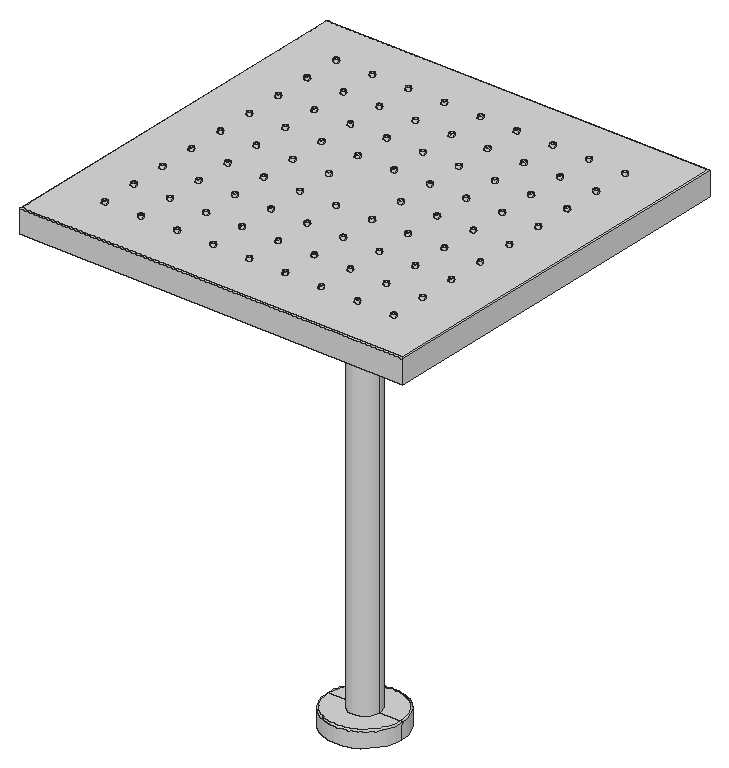
Revit family "Shower-Showerhead-KOHLER-EO-3875D_1", category Plumbing Fixtures, host Face, Revit 2017
Family settings
  Host = Face
  Round Connector Dimension = Use Diameter
  Part Type = Normal
  OmniClass Number = 23.31.17.00
  OmniClass Title = Showers
  Cut with Voids When Loaded = No
  Shared = No
  Room Calculation Point = No
Parameters (values of type "CP-Polished Chrome")
  Width = 11 1/16"  # constant formula
  WaterSense Certified = 1 = 0  # no
  Waste Water Outlet = "Waste Water Outlet"  # constant formula
  Waste Connection = 1 = 0  # no
  Vent Connection = 1 = 0  # no
  URL = "https://www.kohler.co.uk/"
  Type = 1
  Product Page URL = ""
  Product Name = "EO"  # constant formula
  Product Documentation Link = ""
  Pressure = 0.00 psi  # constant formula
  Panel Thickness = 0"
  Model = "3875D-CP"  # constant formula
  Material = "Premium Metal Construction"  # constant formula
  Master Format 2014 Name = "Residential Showers"  # constant formula
  Master Format 2014 = "22 42 23"  # constant formula
  Manufacturer Address = "Cromwell Road, Cheltenham, Gloucestershire. GL52 5EP Registered in England No. 252115"  # constant formula
  Manufacturer = "KOHLER Co."  # constant formula
  Length = 11 1/16"  # constant formula
  Hot Water Inlet = "Tempered Water Inlet"  # constant formula
  Height = 13 111/128"  # constant formula
  HW Connection = 1 = 1  # yes
  Flow Rate = 0 GPM  # constant formula
  Finish = Kohler-Metal-CP-Polished_Chrome
  Environmental Product Declaration = ""
  Drain Included = 1 = 0  # no
  Description = "EO SQUARE SHOWERHEAD 280 X 280MM ,CHROME"  # constant formula
  Default Elevation = 0"
  Declare Label = ""
  Date Modified = "08/05/2021"  # constant formula
  Date Created = "08/05/2021"  # constant formula
  Copyright = "Copyright KOHLER Co."  # constant formula
  Contact Us = "https://www.kohler.co.uk/support/contact/"
  Cold Water Inlet = "Cold Water Inlet"  # constant formula
  CW Connection = 1 = 0  # no
  Assembly Code = "D2010700"
  ADA Compliant = 1 = 0  # no
Reference planes (in)
  plane 1 "Center (Front/Back)": y = 0
  plane 2: z = 0
  plane 3 "Center (Left/Right)": x = 0
  plane 4: x = -5.5314961
  plane 5: x = 5.5310039
  plane 6: y = 5.5314961
  plane 7: y = -5.5310039
  plane 8: z = 13.934811
  plane 9: z = 13.8671875
  plane 10: x = 1.0826772
  plane 11: x = -1.0826772
  plane 12: z = 0.4645669
  plane 13: y = 1.0826772
  plane 14: y = -1.0826772
Dimensions and locks (in)
  "Width": plane 4 to plane 5
  "Length": plane 6 to plane 7
  "Height": level to plane 9
  aligned and locked: plane 2 to host face
  aligned and locked: level to host face
  aligned and locked: plane 3 "Center (Left/Right)" to nested 1
  aligned and locked: plane 1 "Center (Front/Back)" to nested 1
Automatic sketch dimensions
  host sketch curve to host sketch curve = 96"  (x2)
Nested families (in)
  nested 1: "3875D" at (0, 0, 11.3363858), type "3875D"
Connectors (in)
  piping at (0, 0, 0), diameter 0.5, driven by "Pressure", driven by "HW Connection", driven by "Hot Water Inlet"
    settings: on nested 1, index 1, connector inside diameter 24", connector length 0", flow factor 0, pipe flow 0 GPM, pressure drop 0.00 psi, fitting loss kfactor 0, connector angle 0.00°, fixture units 0, engagement length 0", angle of deflection 0.00°, flow configuration 0, flow direction 1, fitting loss method 0, system type 19, joint type 0, gender type 0, connector reference index -1, connector utility 1, adjustable connector no, is connector primary yes, connector description "Tempered Water Inlet"
Definition of nested family "3875D"
  Parameters (values of type "3875D")
    Material = none
  Reference planes (in)
    plane 1 "Center (Front/Back)": y = 0
    plane 2: z = 0
    plane 3 "Center (Left/Right)": x = 0
    plane 4: x = -5.5314961
    plane 5: z = 2.5984252
    plane 6: z = 2.5317244
    plane 7: y = 5.5314961
    plane 8: z = 0.5381731
    plane 9: y = -5.5314961
    plane 10: x = 5.5314961
    plane 11: z = 1.8014208
    plane 12: z = 1.2651574
    plane 13: z = 1.065189
    plane 14: z = 0.9447207
    plane 15: z = 0.9167185
    plane 16: z = 0.700424
    plane 17: z = 0.080937
    plane 18: z = -11.3363858
  Forms (in)
    Sweep 1, solid, material <- "Material", detail levels medium+fine
      path origin (0, 0, 0) x (1, 0, 0) y (0, 1, 0)
        loop
          line (-1.9685039, 1.9685039) -> (-1.9685039, -1.9685039) -> (1.9685039, -1.9685039) -> (1.9685039, 1.9685039) -> (-1.9685039, 1.9685039)
      profile origin (1.9685039, -1.9685039, 0) x (-1, 0, 0) y (0, 0, 1)
        loop
          line (-3.5629921, 2.4994774) -> (-3.5629921, 1.842748) -> (0, 1.842748) -> (0, 2.5317244) -> (-3.5307451, 2.5317244)
          arc (-3.5307451, 2.5317244) -> (-3.5535472, 2.5222795) -> (-3.5629921, 2.4994774) r 0.032247
    Extrusion 2, solid, material <- "Material", detail levels medium+fine
      sketch origin (0, 0, 0) x (1, 0, 0) y (0, 1, 0)
        loop
          line (-2.9639069, 2.7726879) -> (-2.9639069, -2.7391231) -> (2.7447545, -2.7391231) -> (2.7447545, 2.7726879) -> (-2.9639069, 2.7726879)
      from 2.0710945 to 2.5317244
    Extrusion 3, void
      sketch origin (0, 0, 0) x (1, 0, 0) y (0, 1, 0)
        loop
          circle (-4.1703694, 4.1745663) r 0.0767717
        loop
          circle (-4.1703694, 3.1292234) r 0.0767717
        loop
          circle (-4.1703694, 2.0867319) r 0.0767717
        loop
          circle (-4.1703694, 1.0446144) r 0.0767717
        loop
          circle (-4.1703694, 0) r 0.0767717
        loop
          circle (-3.1271871, 4.1745663) r 0.0767717
        loop
          circle (-3.1271871, 3.1298897) r 0.0767717
        loop
          circle (-3.1271871, 2.0877149) r 0.0767717
        loop
          circle (-3.1271871, 1.0449391) r 0.0767717
        loop
          circle (-3.1271871, 0) r 0.0767717
        loop
          circle (-2.0840049, 4.1745663) r 0.0767717
        loop
          circle (-2.0840049, 3.1292234) r 0.0767717
        loop
          circle (-2.0840049, 2.0867319) r 0.0767717
        loop
          circle (-2.0840049, 1.0446144) r 0.0767717
        loop
          circle (-2.0840049, 0) r 0.0767717
        loop
          circle (-1.0412535, 4.1745663) r 0.0767717
        loop
          circle (-1.0412535, 3.1298897) r 0.0767717
        loop
          circle (-1.0412535, 2.0877149) r 0.0767717
        loop
          circle (-1.0412535, 1.0449391) r 0.0767717
        loop
          circle (-1.0412535, 0) r 0.0767717
        loop
          circle (0.002167, 4.1745663) r 0.0767717
        loop
          circle (0.002167, 3.1292234) r 0.0767717
        loop
          circle (0.002167, 2.0867319) r 0.0767717
        loop
          circle (0.002167, 1.0446144) r 0.0767717
        loop
          circle (4.1703694, 4.1745663) r 0.0767717
        loop
          circle (4.1703694, 3.1292234) r 0.0767717
        loop
          circle (4.1703694, 2.0867319) r 0.0767717
        loop
          circle (4.1703694, 1.0446144) r 0.0767717
        loop
          circle (3.1271871, 4.1745663) r 0.0767717
        loop
          circle (3.1271871, 3.1298897) r 0.0767717
        loop
          circle (3.1271871, 2.0877149) r 0.0767717
        loop
          circle (3.1271871, 1.0449391) r 0.0767717
        loop
          circle (2.0840049, 4.1745663) r 0.0767717
        loop
          circle (2.0840049, 3.1292234) r 0.0767717
        loop
          circle (2.0840049, 2.0867319) r 0.0767717
        loop
          circle (2.0840049, 1.0446144) r 0.0767717
        loop
          circle (1.0412535, 4.1745663) r 0.0767717
        loop
          circle (1.0412535, 3.1298897) r 0.0767717
        loop
          circle (1.0412535, 2.0877149) r 0.0767717
        loop
          circle (1.0412535, 1.0449391) r 0.0767717
        loop
          circle (-4.1703694, -4.1745663) r 0.0767717
        loop
          circle (-4.1703694, -3.1292234) r 0.0767717
        loop
          circle (-4.1703694, -2.0867319) r 0.0767717
        loop
          circle (-4.1703694, -1.0446144) r 0.0767717
        loop
          circle (-3.1271871, -4.1745663) r 0.0767717
        loop
          circle (-3.1271871, -3.1298897) r 0.0767717
        loop
          circle (-3.1271871, -2.0877149) r 0.0767717
        loop
          circle (-3.1271871, -1.0449391) r 0.0767717
        loop
          circle (-2.0840049, -4.1745663) r 0.0767717
        loop
          circle (-2.0840049, -3.1292234) r 0.0767717
        loop
          circle (-2.0840049, -2.0867319) r 0.0767717
        loop
          circle (-2.0840049, -1.0446144) r 0.0767717
        loop
          circle (-1.0412535, -4.1745663) r 0.0767717
        loop
          circle (-1.0412535, -3.1298897) r 0.0767717
        loop
          circle (-1.0412535, -2.0877149) r 0.0767717
        loop
          circle (-1.0412535, -1.0449391) r 0.0767717
        loop
          circle (0.002167, -4.1745663) r 0.0767717
        loop
          circle (0.002167, -3.1292234) r 0.0767717
        loop
          circle (0.002167, -2.0867319) r 0.0767717
        loop
          circle (0.002167, -1.0446144) r 0.0767717
        loop
          circle (4.1703694, -4.1745663) r 0.0767717
        loop
          circle (4.1703694, -3.1292234) r 0.0767717
        loop
          circle (4.1703694, -2.0867319) r 0.0767717
        loop
          circle (4.1703694, -1.0446144) r 0.0767717
        loop
          circle (3.1271871, -4.1745663) r 0.0767717
        loop
          circle (3.1271871, -3.1298897) r 0.0767717
        loop
          circle (3.1271871, -2.0877149) r 0.0767717
        loop
          circle (3.1271871, -1.0449391) r 0.0767717
        loop
          circle (2.0840049, -4.1745663) r 0.0767717
        loop
          circle (2.0840049, -3.1292234) r 0.0767717
        loop
          circle (2.0840049, -2.0867319) r 0.0767717
        loop
          circle (2.0840049, -1.0446144) r 0.0767717
        loop
          circle (1.0412535, -4.1745663) r 0.0767717
        loop
          circle (1.0412535, -3.1298897) r 0.0767717
        loop
          circle (1.0412535, -2.0877149) r 0.0767717
        loop
          circle (1.0412535, -1.0449391) r 0.0767717
        loop
          circle (4.1703694, 0) r 0.0767717
        loop
          circle (3.1271871, 0) r 0.0767717
        loop
          circle (2.0840049, 0) r 0.0767717
        loop
          circle (1.0412535, 0) r 0.0767717
      from 2.2237974 to 2.914349
    Extrusion 4, solid, detail levels medium+fine
      sketch origin (0, 0, 0) x (1, 0, 0) y (0, 1, 0)
        loop
          circle (-4.1703694, 4.1745663) r 0.0629921
        loop
          circle (-4.1703694, 4.1745663) r 0.0472441
        loop
          circle (-4.1703694, 3.1292234) r 0.0629921
        loop
          circle (-4.1703694, 3.1292234) r 0.0472441
        loop
          circle (-4.1703694, 2.0867319) r 0.0629921
        loop
          circle (-4.1703694, 2.0867319) r 0.0472441
        loop
          circle (-4.1703694, 1.0446144) r 0.0629921
        loop
          circle (-4.1703694, 1.0446144) r 0.0472441
        loop
          circle (-4.1703694, 0) r 0.0629921
        loop
          circle (-4.1703694, 0) r 0.0472441
        loop
          circle (-3.1271871, 0) r 0.0629921
        loop
          circle (-3.1271871, 0) r 0.0472441
        loop
          circle (-3.1271871, 1.0449391) r 0.0629921
        loop
          circle (-3.1271871, 1.0449391) r 0.0472441
        loop
          circle (-3.1271871, 2.0877149) r 0.0629921
        loop
          circle (-3.1271871, 2.0877149) r 0.0472441
        loop
          circle (-3.1271871, 3.1298897) r 0.0629921
        loop
          circle (-3.1271871, 3.1298897) r 0.0472441
        loop
          circle (-3.1271871, 4.1745663) r 0.0629921
        loop
          circle (-3.1271871, 4.1745663) r 0.0472441
        loop
          circle (-2.0840049, 4.1745663) r 0.0629921
        loop
          circle (-2.0840049, 4.1745663) r 0.0472441
        loop
          circle (-2.0840049, 3.1292234) r 0.0629921
        loop
          circle (-2.0840049, 3.1292234) r 0.0472441
        loop
          circle (-2.0840049, 2.0867319) r 0.0629921
        loop
          circle (-2.0840049, 2.0867319) r 0.0472441
        loop
          circle (-2.0840049, 1.0446144) r 0.0629921
        loop
          circle (-2.0840049, 1.0446144) r 0.0472441
        loop
          circle (-2.0840049, 0) r 0.0629921
        loop
          circle (-2.0840049, 0) r 0.0472441
        loop
          circle (-1.0412535, 0) r 0.0629921
        loop
          circle (-1.0412535, 0) r 0.0472441
        loop
          circle (-1.0412535, 1.0449391) r 0.0629921
        loop
          circle (-1.0412535, 1.0449391) r 0.0472441
        loop
          circle (-1.0412535, 2.0877149) r 0.0629921
        loop
          circle (-1.0412535, 2.0877149) r 0.0472441
        loop
          circle (-1.0412535, 3.1298897) r 0.0629921
        loop
          circle (-1.0412535, 3.1298897) r 0.0472441
        loop
          circle (-1.0412535, 4.1745663) r 0.0629921
        loop
          circle (-1.0412535, 4.1745663) r 0.0472441
        loop
          circle (0.002167, 4.1745663) r 0.0629921
        loop
          circle (0.002167, 4.1745663) r 0.0472441
        loop
          circle (0.002167, 3.1292234) r 0.0629921
        loop
          circle (0.002167, 3.1292234) r 0.0472441
        loop
          circle (0.002167, 2.0867319) r 0.0629921
        loop
          circle (0.002167, 2.0867319) r 0.0472441
        loop
          circle (0.002167, 1.0446144) r 0.0629921
        loop
          circle (0.002167, 1.0446144) r 0.0472441
        loop
          circle (4.1703694, 4.1745663) r 0.0629921
        loop
          circle (4.1703694, 4.1745663) r 0.0472441
        loop
          circle (4.1703694, 3.1292234) r 0.0629921
        loop
          circle (4.1703694, 3.1292234) r 0.0472441
        loop
          circle (4.1703694, 2.0867319) r 0.0629921
        loop
          circle (4.1703694, 2.0867319) r 0.0472441
        loop
          circle (4.1703694, 1.0446144) r 0.0629921
        loop
          circle (4.1703694, 1.0446144) r 0.0472441
        loop
          circle (3.1271871, 1.0449391) r 0.0629921
        loop
          circle (3.1271871, 1.0449391) r 0.0472441
        loop
          circle (3.1271871, 2.0877149) r 0.0629921
        loop
          circle (3.1271871, 2.0877149) r 0.0472441
        loop
          circle (3.1271871, 3.1298897) r 0.0629921
        loop
          circle (3.1271871, 3.1298897) r 0.0472441
        loop
          circle (3.1271871, 4.1745663) r 0.0629921
        loop
          circle (3.1271871, 4.1745663) r 0.0472441
        loop
          circle (2.0840049, 4.1745663) r 0.0629921
        loop
          circle (2.0840049, 4.1745663) r 0.0472441
        loop
          circle (2.0840049, 3.1292234) r 0.0629921
        loop
          circle (2.0840049, 3.1292234) r 0.0472441
        loop
          circle (2.0840049, 2.0867319) r 0.0629921
        loop
          circle (2.0840049, 2.0867319) r 0.0472441
        loop
          circle (2.0840049, 1.0446144) r 0.0629921
        loop
          circle (2.0840049, 1.0446144) r 0.0472441
        loop
          circle (1.0412535, 1.0449391) r 0.0629921
        loop
          circle (1.0412535, 1.0449391) r 0.0472441
        loop
          circle (1.0412535, 2.0877149) r 0.0629921
        loop
          circle (1.0412535, 2.0877149) r 0.0472441
        loop
          circle (1.0412535, 3.1298897) r 0.0629921
        loop
          circle (1.0412535, 3.1298897) r 0.0472441
        loop
          circle (1.0412535, 4.1745663) r 0.0629921
        loop
          circle (1.0412535, 4.1745663) r 0.0472441
        loop
          circle (-4.1703694, -4.1745663) r 0.0629921
        loop
          circle (-4.1703694, -4.1745663) r 0.0472441
        loop
          circle (-4.1703694, -3.1292234) r 0.0629921
        loop
          circle (-4.1703694, -3.1292234) r 0.0472441
        loop
          circle (-4.1703694, -2.0867319) r 0.0629921
        loop
          circle (-4.1703694, -2.0867319) r 0.0472441
        loop
          circle (-4.1703694, -1.0446144) r 0.0629921
        loop
          circle (-4.1703694, -1.0446144) r 0.0472441
        loop
          circle (-3.1271871, -1.0449391) r 0.0629921
        loop
          circle (-3.1271871, -1.0449391) r 0.0472441
        loop
          circle (-3.1271871, -2.0877149) r 0.0629921
        loop
          circle (-3.1271871, -2.0877149) r 0.0472441
        loop
          circle (-3.1271871, -3.1298897) r 0.0629921
        loop
          circle (-3.1271871, -3.1298897) r 0.0472441
        loop
          circle (-3.1271871, -4.1745663) r 0.0629921
        loop
          circle (-3.1271871, -4.1745663) r 0.0472441
        loop
          circle (-2.0840049, -4.1745663) r 0.0629921
        loop
          circle (-2.0840049, -4.1745663) r 0.0472441
        loop
          circle (-2.0840049, -3.1292234) r 0.0629921
        loop
          circle (-2.0840049, -3.1292234) r 0.0472441
        loop
          circle (-2.0840049, -2.0867319) r 0.0629921
        loop
          circle (-2.0840049, -2.0867319) r 0.0472441
        loop
          circle (-2.0840049, -1.0446144) r 0.0629921
        loop
          circle (-2.0840049, -1.0446144) r 0.0472441
        loop
          circle (-1.0412535, -1.0449391) r 0.0629921
        loop
          circle (-1.0412535, -1.0449391) r 0.0472441
        loop
          circle (-1.0412535, -2.0877149) r 0.0629921
        loop
          circle (-1.0412535, -2.0877149) r 0.0472441
        loop
          circle (-1.0412535, -3.1298897) r 0.0629921
        loop
          circle (-1.0412535, -3.1298897) r 0.0472441
        loop
          circle (-1.0412535, -4.1745663) r 0.0629921
        loop
          circle (-1.0412535, -4.1745663) r 0.0472441
        loop
          circle (0.002167, -4.1745663) r 0.0629921
        loop
          circle (0.002167, -4.1745663) r 0.0472441
        loop
          circle (0.002167, -3.1292234) r 0.0629921
        loop
          circle (0.002167, -3.1292234) r 0.0472441
        loop
          circle (0.002167, -2.0867319) r 0.0629921
        loop
          circle (0.002167, -2.0867319) r 0.0472441
        loop
          circle (0.002167, -1.0446144) r 0.0629921
        loop
          circle (0.002167, -1.0446144) r 0.0472441
        loop
          circle (4.1703694, -4.1745663) r 0.0629921
        loop
          circle (4.1703694, -4.1745663) r 0.0472441
        loop
          circle (4.1703694, -3.1292234) r 0.0629921
        loop
          circle (4.1703694, -3.1292234) r 0.0472441
        loop
          circle (4.1703694, -2.0867319) r 0.0629921
        loop
          circle (4.1703694, -2.0867319) r 0.0472441
        loop
          circle (4.1703694, -1.0446144) r 0.0629921
        loop
          circle (4.1703694, -1.0446144) r 0.0472441
        loop
          circle (3.1271871, -1.0449391) r 0.0629921
        loop
          circle (3.1271871, -1.0449391) r 0.0472441
        loop
          circle (3.1271871, -2.0877149) r 0.0629921
        loop
          circle (3.1271871, -2.0877149) r 0.0472441
        loop
          circle (3.1271871, -3.1298897) r 0.0629921
        loop
          circle (3.1271871, -3.1298897) r 0.0472441
        loop
          circle (3.1271871, -4.1745663) r 0.0629921
        loop
          circle (3.1271871, -4.1745663) r 0.0472441
        loop
          circle (2.0840049, -4.1745663) r 0.0629921
        loop
          circle (2.0840049, -4.1745663) r 0.0472441
        loop
          circle (2.0840049, -3.1292234) r 0.0629921
        loop
          circle (2.0840049, -3.1292234) r 0.0472441
        loop
          circle (2.0840049, -2.0867319) r 0.0629921
        loop
          circle (2.0840049, -2.0867319) r 0.0472441
        loop
          circle (2.0840049, -1.0446144) r 0.0629921
        loop
          circle (2.0840049, -1.0446144) r 0.0472441
        loop
          circle (1.0412535, -1.0449391) r 0.0629921
        loop
          circle (1.0412535, -1.0449391) r 0.0472441
        loop
          circle (1.0412535, -2.0877149) r 0.0629921
        loop
          circle (1.0412535, -2.0877149) r 0.0472441
        loop
          circle (1.0412535, -3.1298897) r 0.0629921
        loop
          circle (1.0412535, -3.1298897) r 0.0472441
        loop
          circle (1.0412535, -4.1745663) r 0.0629921
        loop
          circle (1.0412535, -4.1745663) r 0.0472441
        loop
          circle (4.1703694, 0) r 0.0629921
        loop
          circle (4.1703694, 0) r 0.0472441
        loop
          circle (3.1271871, 0) r 0.0629921
        loop
          circle (3.1271871, 0) r 0.0472441
        loop
          circle (2.0840049, 0) r 0.0629921
        loop
          circle (2.0840049, 0) r 0.0472441
        loop
          circle (1.0412535, 0) r 0.0629921
        loop
          circle (1.0412535, 0) r 0.0472441
      from 2.1651852 to 2.5984252
    Revolve 5, solid, material <- "Material", detail levels coarse
      sketch origin (0, 0, 0) x (1, 0, 0) y (0, 0, 1)
        loop
          line (-0.7185571, 2.2754617) -> (-0.7185571, 0) -> (-0.3937008, 0) -> (-0.3937008, -10.8718189) -> (-1.0826772, -10.8718189) -> (-1.0826772, -11.3363858) -> (0, -11.3363858) -> (0, 2.2754617) -> (-0.7185571, 2.2754617)
        axis (0, 2.2754617) -> (0, -11.3363858)
      angle from 0 to 360
    Extrusion 6, solid, material <- "Material", detail levels coarse
      sketch origin (0, 0, 0) x (1, 0, 0) y (0, 0, 1)
        loop
          line (-5.5314961, 2.5984252) -> (-5.5314961, 2.0592835) -> (5.5314961, 2.0592835) -> (5.5314961, 2.5984252) -> (-5.5314961, 2.5984252)
      from -5.5314961 to 5.5314961
    Revolve 7, solid, material <- "Material", detail levels medium+fine
      sketch origin (0, 0, 0) x (1, 0, 0) y (0, 0, 1)
        loop
          line (0, 0.080937) -> (0.4527559, 0.080937) -> (0.4527559, 0.6714882)
          arc (0.4527559, 0.6714882) -> (0.4202484, 0.7137748) -> (0.3756257, 0.7429932) r 0.1596458
          arc (0.3756257, 0.7429932) -> (0.3314989, 0.7802833) -> (0.3149937, 0.8356486) r 0.1011121
          line (0.3149937, 0.8356486) -> (0.3149937, 0.9167185)
          arc (0.3149937, 0.9167185) -> (0.3183274, 0.9320998) -> (0.3277303, 0.9447207) r 0.0371508
          arc (0.3277303, 0.9447207) -> (0.3823059, 1.0008567) -> (0.4269277, 1.065189) r 0.4753951
          line (0.4269277, 1.065189) -> (0.6771209, 1.065189) -> (0.6771209, 1.5378345)
          arc (0.6771209, 1.5378345) -> (0.679299, 1.5543792) -> (0.6856851, 1.5697965) r 0.063924
          line (0.6856851, 1.5697965) -> (0.718627, 1.6268535)
          arc (0.718627, 1.6268535) -> (0.7259219, 1.6444651) -> (0.7284101, 1.6633646) r 0.0730222
          line (0.7284101, 1.6633646) -> (0.7284101, 1.8014208) -> (0.6870829, 1.842748) -> (0, 1.842748) -> (0, 0.080937)
        axis (0, 1.842748) -> (0, 0.080937)
      angle from 0 to 360
    Revolve 8, solid, material <- "Material", detail levels medium+fine
      sketch origin (0, 0, 0) x (1, 0, 0) y (0, 0, 1)
        loop
          line (1.0826772, -11.3363858) -> (1.0826772, -10.9084336)
          arc (1.0826772, -10.9084336) -> (1.071953, -10.8825431) -> (1.0460625, -10.8718189) r 0.0366147
          line (1.0460625, -10.8718189) -> (0.4311195, -10.8718189) -> (0.4311195, 0.080937) -> (0, 0.080937) -> (0, -11.1395354) -> (0.3937008, -11.1395354) -> (0.3937008, -11.3363858) -> (1.0826772, -11.3363858)
        axis (0, 0.080937) -> (0, -11.3363858)
      angle from 0 to 360
    Extrusion 9, void
      sketch origin (0, 0, 0) x (1, 0, 0) y (0, 0, 1)
        loop
          line (-0.4330709, 0.446804) -> (-0.4330709, 0.7518064) -> (-0.5829923, 0.7518064) -> (-0.5829923, 0.3536265) -> (-0.4771067, 0.3536265) -> (-0.4415235, 0.4152583)
          arc (-0.4415235, 0.4152583) -> (-0.4352206, 0.4304747) -> (-0.4330709, 0.446804) r 0.0630913
        loop
          line (-0.6299213, 1.0408512) -> (-0.6299213, 1.1644707)
          arc (-0.6299213, 1.1644707) -> (-0.6323156, 1.1826576) -> (-0.6393355, 1.1996052) r 0.070269
          line (-0.6393355, 1.1996052) -> (-0.7023495, 1.3087486) -> (-0.8185358, 1.3087486) -> (-0.8185358, 1.0408512) -> (-0.6299213, 1.0408512)
      from -3.7795276 to 9.8425197
    Extrusion 10, void
      sketch origin (0, 0, 0) x (-1, 0, 0) y (0, 0, -1)
        loop
          arc (-0.4330709, -0.446804) -> (-0.4352206, -0.4304747) -> (-0.4415235, -0.4152583) r 0.0630913
          line (-0.4415235, -0.4152583) -> (-0.4771067, -0.3536265) -> (-0.5829923, -0.3536265) -> (-0.5829923, -0.7518064) -> (-0.4330709, -0.7518064) -> (-0.4330709, -0.446804)
        loop
          line (-0.6299213, -1.0408512) -> (-0.8185358, -1.0408512) -> (-0.8185358, -1.3087486) -> (-0.7023495, -1.3087486) -> (-0.6393355, -1.1996052)
          arc (-0.6393355, -1.1996052) -> (-0.6323156, -1.1826576) -> (-0.6299213, -1.1644707) r 0.070269
          line (-0.6299213, -1.1644707) -> (-0.6299213, -1.0408512)
      from -2.6801353 to 9.8425197
    Extrusion 11, solid, material <- "Material", detail levels medium+fine
      sketch origin (0, 0, 0) x (1, 0, 0) y (0, 1, 0)
        loop
          line (-1.9685039, -1.9685039) -> (1.9685039, -1.9685039) -> (1.9685039, 1.9685039) -> (-1.9685039, 1.9685039) -> (-1.9685039, -1.9685039)
      from 1.842748 to 2.0710945
  Cuts and joins
    Extrusion 3 cuts Sweep 1
    Extrusion 3 cuts Extrusion 2
    Extrusion 9, Extrusion 10 cuts Revolve 7
    joined: Sweep 1, Extrusion 2, Revolve 7, Revolve 8, Extrusion 11
    joined: Revolve 5, Extrusion 6
  Lines and regions (in)
    Masking region 1
      outline origin (0, 0, 0) x (1, 0, 0) y (0, 0, 1)
        loop
          line (-5.5314961, 1.842748) -> (-0.6870829, 1.842748) -> (-0.7284101, 1.8014208) -> (-0.7284101, 1.6633646)
          arc (-0.7284101, 1.6633646) -> (-0.7259219, 1.6444651) -> (-0.718627, 1.6268535) r 0.0730222
          line (-0.718627, 1.6268535) -> (-0.6856851, 1.5697965)
          arc (-0.6856851, 1.5697965) -> (-0.679299, 1.5543792) -> (-0.6771209, 1.5378345) r 0.063924
          line (-0.6771209, 1.5378345) -> (-0.6771209, 1.2650513) -> (-0.6393355, 1.1996052)
          arc (-0.6393355, 1.1996052) -> (-0.6323156, 1.1826576) -> (-0.6299213, 1.1644707) r 0.070269
          line (-0.6299213, 1.1644707) -> (-0.6299213, 1.065189) -> (-0.4269277, 1.065189)
          arc (-0.4269277, 1.065189) -> (-0.3823059, 1.0008567) -> (-0.3277303, 0.9447207) r 0.4753951
          arc (-0.3277303, 0.9447207) -> (-0.3183274, 0.9320998) -> (-0.3149937, 0.9167185) r 0.0371508
          line (-0.3149937, 0.9167185) -> (-0.3149937, 0.8356486)
          arc (-0.3149937, 0.8356486) -> (-0.3314989, 0.7802833) -> (-0.3756257, 0.7429932) r 0.1011121
          arc (-0.3756257, 0.7429932) -> (-0.4067621, 0.7249659) -> (-0.4330709, 0.700424) r 0.1596458
          line (-0.4330709, 0.700424) -> (-0.4330709, 0.446804)
          arc (-0.4330709, 0.446804) -> (-0.4352206, 0.4304747) -> (-0.4415235, 0.4152583) r 0.0630913
          line (-0.4415235, 0.4152583) -> (-0.4527559, 0.3843975) -> (-0.4527559, 0.1184123) -> (-0.4311195, 0.080937) -> (-0.4311195, -10.8718189) -> (-1.0433255, -10.8718189)
          arc (-1.0433255, -10.8718189) -> (-1.0711513, -10.8833447) -> (-1.0826772, -10.9111706) r 0.0393517
          line (-1.0826772, -10.9111706) -> (-1.0826772, -11.3363858) -> (1.0826772, -11.3363858) -> (1.0826772, -10.9111706)
          arc (1.0826772, -10.9111706) -> (1.0711513, -10.8833447) -> (1.0433255, -10.8718189) r 0.0393517
          line (1.0433255, -10.8718189) -> (0.4311195, -10.8718189) -> (0.4311195, 0.080937) -> (0.4527559, 0.111837) -> (0.4527559, 0.3843975) -> (0.4415235, 0.4152583)
          arc (0.4415235, 0.4152583) -> (0.4352206, 0.4304747) -> (0.4330709, 0.446804) r 0.0630913
          line (0.4330709, 0.446804) -> (0.4330709, 0.700424)
          arc (0.4330709, 0.700424) -> (0.4067621, 0.7249659) -> (0.3756257, 0.7429932) r 0.1596458
          arc (0.3756257, 0.7429932) -> (0.3314989, 0.7802833) -> (0.3149937, 0.8356486) r 0.1011121
          line (0.3149937, 0.8356486) -> (0.3149937, 0.9167185)
          arc (0.3149937, 0.9167185) -> (0.3183274, 0.9320998) -> (0.3277303, 0.9447207) r 0.0371508
          arc (0.3277303, 0.9447207) -> (0.3823059, 1.0008567) -> (0.4269277, 1.065189) r 0.4753951
          line (0.4269277, 1.065189) -> (0.6299213, 1.065189) -> (0.6299213, 1.1644707)
          arc (0.6299213, 1.1644707) -> (0.6323156, 1.1826576) -> (0.6393355, 1.1996052) r 0.070269
          line (0.6393355, 1.1996052) -> (0.6771209, 1.2650513) -> (0.6771209, 1.5378345)
          arc (0.6771209, 1.5378345) -> (0.679299, 1.5543792) -> (0.6856851, 1.5697965) r 0.063924
          line (0.6856851, 1.5697965) -> (0.718627, 1.6268535)
          arc (0.718627, 1.6268535) -> (0.7259219, 1.6444651) -> (0.7284101, 1.6633646) r 0.0730222
          line (0.7284101, 1.6633646) -> (0.7284101, 1.8014208) -> (0.6870829, 1.842748) -> (5.5314961, 1.842748) -> (5.5314961, 2.4993911)
          arc (5.5314961, 2.4993911) -> (5.5220258, 2.5222542) -> (5.4991627, 2.5317244) r 0.0323333
          line (5.4991627, 2.5317244) -> (4.2333615, 2.5317244) -> (4.2333615, 2.5984252) -> (4.1073772, 2.5984252) -> (4.1073772, 2.5317244) -> (3.1901793, 2.5317244) -> (3.1901793, 2.5984252) -> (3.064195, 2.5984252) -> (3.064195, 2.5317244) -> (2.146997, 2.5317244) -> (2.146997, 2.5984252) -> (2.0210128, 2.5984252) -> (2.0210128, 2.5317244) -> (1.1042456, 2.5317244) -> (1.1042456, 2.5984252) -> (0.9782614, 2.5984252) -> (0.9782614, 2.5317244) -> (0.0651591, 2.5317244) -> (0.0651591, 2.5984252) -> (-0.0608251, 2.5984252) -> (-0.0608251, 2.5317244) -> (-0.9782614, 2.5317244) -> (-0.9782614, 2.5984252) -> (-1.1042456, 2.5984252) -> (-1.1042456, 2.5317244) -> (-2.0210128, 2.5317244) -> (-2.0210128, 2.5984252) -> (-2.146997, 2.5984252) -> (-2.146997, 2.5317244) -> (-3.064195, 2.5317244) -> (-3.064195, 2.5984252) -> (-3.1901793, 2.5984252) -> (-3.1901793, 2.5317244) -> (-4.1073772, 2.5317244) -> (-4.1073772, 2.5984252) -> (-4.2333615, 2.5984252) -> (-4.2333615, 2.5317244) -> (-5.4991627, 2.5317244)
          arc (-5.4991627, 2.5317244) -> (-5.5220258, 2.5222542) -> (-5.5314961, 2.4993911) r 0.0323333
          line (-5.5314961, 2.4993911) -> (-5.5314961, 1.842748)
    Masking region 2
      outline origin (0, 0, 0) x (0, 1, 0) y (0, 0, 1)
        loop
          line (5.5314961, 1.842748) -> (5.5314961, 2.4993911)
          arc (5.5314961, 2.4993911) -> (5.5220258, 2.5222542) -> (5.4991627, 2.5317244) r 0.0323333
          line (5.4991627, 2.5317244) -> (4.2379346, 2.5317244) -> (4.2379346, 2.5984252) -> (4.110745, 2.5984252) -> (4.110745, 2.5317244) -> (3.1930839, 2.5317244) -> (3.1930839, 2.5984252) -> (3.0656473, 2.5984252) -> (3.0656473, 2.5317244) -> (2.1508481, 2.5317244) -> (2.1508481, 2.5984252) -> (2.0232146, 2.5984252) -> (2.0232146, 2.5317244) -> (1.1080654, 2.5317244) -> (1.1080654, 2.5984252) -> (0.9814445, 2.5984252) -> (0.9814445, 2.5317244) -> (0.063593, 2.5317244) -> (0.063593, 2.5984252) -> (-0.0632216, 2.5984252) -> (-0.0632216, 2.5317244) -> (-0.9814445, 2.5317244) -> (-0.9814445, 2.5984252) -> (-1.1083837, 2.5984252) -> (-1.1083837, 2.5317244) -> (-2.0232091, 2.5317244) -> (-2.0232091, 2.5984252) -> (-2.1506576, 2.5984252) -> (-2.1506576, 2.5317244) -> (-3.0660988, 2.5317244) -> (-3.0660988, 2.5984252) -> (-3.1929316, 2.5984252) -> (-3.1929316, 2.5317244) -> (-4.1112065, 2.5317244) -> (-4.1112065, 2.5984252) -> (-4.2375085, 2.5984252) -> (-4.2375085, 2.5317244) -> (-5.4991627, 2.5317244)
          arc (-5.4991627, 2.5317244) -> (-5.5220258, 2.5222542) -> (-5.5314961, 2.4993911) r 0.0323333
          line (-5.5314961, 2.4993911) -> (-5.5314961, 1.842748) -> (-0.6870829, 1.842748) -> (-0.7284101, 1.8014208) -> (-0.7284101, 1.6633646)
          arc (-0.7284101, 1.6633646) -> (-0.7259219, 1.6444651) -> (-0.718627, 1.6268535) r 0.0730222
          line (-0.718627, 1.6268535) -> (-0.6856851, 1.5697965)
          arc (-0.6856851, 1.5697965) -> (-0.679299, 1.5543792) -> (-0.6771209, 1.5378345) r 0.063924
          line (-0.6771209, 1.5378345) -> (-0.6771209, 1.2650513) -> (-0.6393355, 1.1996052)
          arc (-0.6393355, 1.1996052) -> (-0.6323156, 1.1826576) -> (-0.6299213, 1.1644707) r 0.070269
          line (-0.6299213, 1.1644707) -> (-0.6299213, 1.065189) -> (-0.4269277, 1.065189)
          arc (-0.4269277, 1.065189) -> (-0.3823059, 1.0008567) -> (-0.3277303, 0.9447207) r 0.4753951
          arc (-0.3277303, 0.9447207) -> (-0.3183274, 0.9320998) -> (-0.3149937, 0.9167185) r 0.0371508
          line (-0.3149937, 0.9167185) -> (-0.3149937, 0.8356486)
          arc (-0.3149937, 0.8356486) -> (-0.3314989, 0.7802833) -> (-0.3756257, 0.7429932) r 0.1011121
          arc (-0.3756257, 0.7429932) -> (-0.4067621, 0.7249659) -> (-0.4330709, 0.700424) r 0.1596458
          line (-0.4330709, 0.700424) -> (-0.4330709, 0.446804)
          arc (-0.4330709, 0.446804) -> (-0.4352206, 0.4304747) -> (-0.4415235, 0.4152583) r 0.0630913
          line (-0.4415235, 0.4152583) -> (-0.4527559, 0.3843975) -> (-0.4527559, 0.111837) -> (-0.4311195, 0.080937) -> (-0.4311195, -10.8718189) -> (-1.0433255, -10.8718189)
          arc (-1.0433255, -10.8718189) -> (-1.0711513, -10.8833447) -> (-1.0826772, -10.9111706) r 0.0393517
          line (-1.0826772, -10.9111706) -> (-1.0826772, -11.3363858) -> (1.0826772, -11.3363858) -> (1.0826772, -10.9111706)
          arc (1.0826772, -10.9111706) -> (1.0711513, -10.8833447) -> (1.0433255, -10.8718189) r 0.0393517
          line (1.0433255, -10.8718189) -> (0.4311195, -10.8718189) -> (0.4311195, 0.080937) -> (0.4527559, 0.1184123) -> (0.4527559, 0.3843975) -> (0.4415235, 0.4152583)
          arc (0.4415235, 0.4152583) -> (0.4352206, 0.4304747) -> (0.4330709, 0.446804) r 0.0630913
          line (0.4330709, 0.446804) -> (0.4330709, 0.700424)
          arc (0.4330709, 0.700424) -> (0.4067621, 0.7249659) -> (0.3756257, 0.7429932) r 0.1596458
          arc (0.3756257, 0.7429932) -> (0.3314989, 0.7802833) -> (0.3149937, 0.8356486) r 0.1011121
          line (0.3149937, 0.8356486) -> (0.3149937, 0.9167185)
          arc (0.3149937, 0.9167185) -> (0.3183274, 0.9320998) -> (0.3277303, 0.9447207) r 0.0371508
          arc (0.3277303, 0.9447207) -> (0.3823059, 1.0008567) -> (0.4269277, 1.065189) r 0.4753951
          line (0.4269277, 1.065189) -> (0.6299213, 1.065189) -> (0.6299213, 1.1644707)
          arc (0.6299213, 1.1644707) -> (0.6323156, 1.1826576) -> (0.6393355, 1.1996052) r 0.070269
          line (0.6393355, 1.1996052) -> (0.6771209, 1.2650513) -> (0.6771209, 1.5378345)
          arc (0.6771209, 1.5378345) -> (0.679299, 1.5543792) -> (0.6856851, 1.5697965) r 0.063924
          line (0.6856851, 1.5697965) -> (0.718627, 1.6268535)
          arc (0.718627, 1.6268535) -> (0.7259219, 1.6444651) -> (0.7284101, 1.6633646) r 0.0730222
          line (0.7284101, 1.6633646) -> (0.7284101, 1.8014208) -> (0.6870829, 1.842748) -> (5.5314961, 1.842748)
    Masking region 3
      outline origin (0, 0, 0) x (1, 0, 0) y (0, 1, 0)
        loop
          line (-5.5314961, 5.5314961) -> (-5.5314961, -5.5314961) -> (5.5314961, -5.5314961) -> (5.5314961, 5.5314961) -> (-5.5314961, 5.5314961)
    symbolic lines, detail levels medium+fine
      curve 1: arc (-4.0935977, 4.1745663, 0) -> (-4.1703694, 4.2513379, 0) -> (-4.247141, 4.1745663, 0) r 0.0767717
      curve 2: arc (-4.1073772, 4.1745663, 0) -> (-4.1703694, 4.2375584, 0) -> (-4.2333615, 4.1745663, 0) r 0.0629921
      curve 3: arc (-4.2176134, 4.1745663, 0) -> (-4.1703694, 4.2218104, 0) -> (-4.1231253, 4.1745663, 0) r 0.0472441
      curve 4: arc (-4.1231253, 4.1745663, 0) -> (-4.1703694, 4.1273222, 0) -> (-4.2176134, 4.1745663, 0) r 0.0472441
      curve 5: arc (-4.2333615, 4.1745663, 0) -> (-4.1703694, 4.1115742, 0) -> (-4.1073772, 4.1745663, 0) r 0.0629921
      curve 6: arc (-4.247141, 4.1745663, 0) -> (-4.1703694, 4.0977946, 0) -> (-4.0935977, 4.1745663, 0) r 0.0767717
      curve 7: arc (-4.0935977, 3.1292234, 0) -> (-4.1703694, 3.2059951, 0) -> (-4.247141, 3.1292234, 0) r 0.0767717
      curve 8: arc (-4.1073772, 3.1292234, 0) -> (-4.1703694, 3.1922155, 0) -> (-4.2333615, 3.1292234, 0) r 0.0629921
      curve 9: arc (-4.2176134, 3.1292234, 0) -> (-4.1703694, 3.1764675, 0) -> (-4.1231253, 3.1292234, 0) r 0.0472441
      curve 10: arc (-4.1231253, 3.1292234, 0) -> (-4.1703694, 3.0819793, 0) -> (-4.2176134, 3.1292234, 0) r 0.0472441
      curve 11: arc (-4.2333615, 3.1292234, 0) -> (-4.1703694, 3.0662313, 0) -> (-4.1073772, 3.1292234, 0) r 0.0629921
      curve 12: arc (-4.247141, 3.1292234, 0) -> (-4.1703694, 3.0524518, 0) -> (-4.0935977, 3.1292234, 0) r 0.0767717
      curve 13: arc (-3.0504155, 4.1745663, 0) -> (-3.1271871, 4.2513379, 0) -> (-3.2039588, 4.1745663, 0) r 0.0767717
      curve 14: arc (-3.064195, 4.1745663, 0) -> (-3.1271871, 4.2375584, 0) -> (-3.1901793, 4.1745663, 0) r 0.0629921
      curve 15: arc (-3.1744312, 4.1745663, 0) -> (-3.1271871, 4.2218104, 0) -> (-3.079943, 4.1745663, 0) r 0.0472441
      curve 16: arc (-3.079943, 4.1745663, 0) -> (-3.1271871, 4.1273222, 0) -> (-3.1744312, 4.1745663, 0) r 0.0472441
      curve 17: arc (-3.1901793, 4.1745663, 0) -> (-3.1271871, 4.1115742, 0) -> (-3.064195, 4.1745663, 0) r 0.0629921
      curve 18: arc (-3.2039588, 4.1745663, 0) -> (-3.1271871, 4.0977946, 0) -> (-3.0504155, 4.1745663, 0) r 0.0767717
      curve 19: arc (-3.0504155, 3.1298897, 0) -> (-3.1271871, 3.2066614, 0) -> (-3.2039588, 3.1298897, 0) r 0.0767717
      curve 20: arc (-3.064195, 3.1298897, 0) -> (-3.1271871, 3.1928818, 0) -> (-3.1901793, 3.1298897, 0) r 0.0629921
      curve 21: arc (-3.1744312, 3.1298897, 0) -> (-3.1271871, 3.1771338, 0) -> (-3.079943, 3.1298897, 0) r 0.0472441
      curve 22: arc (-3.079943, 3.1298897, 0) -> (-3.1271871, 3.0826456, 0) -> (-3.1744312, 3.1298897, 0) r 0.0472441
      curve 23: arc (-3.1901793, 3.1298897, 0) -> (-3.1271871, 3.0668976, 0) -> (-3.064195, 3.1298897, 0) r 0.0629921
      curve 24: arc (-3.2039588, 3.1298897, 0) -> (-3.1271871, 3.0531181, 0) -> (-3.0504155, 3.1298897, 0) r 0.0767717
      curve 25: arc (-3.0504155, 2.0877149, 0) -> (-3.1271871, 2.1644866, 0) -> (-3.2039588, 2.0877149, 0) r 0.0767717
      curve 26: arc (-3.064195, 2.0877149, 0) -> (-3.1271871, 2.1507071, 0) -> (-3.1901793, 2.0877149, 0) r 0.0629921
      curve 27: arc (-3.1744312, 2.0877149, 0) -> (-3.1271871, 2.134959, 0) -> (-3.079943, 2.0877149, 0) r 0.0472441
      curve 28: arc (-3.079943, 2.0877149, 0) -> (-3.1271871, 2.0404708, 0) -> (-3.1744312, 2.0877149, 0) r 0.0472441
      curve 29: arc (-3.1901793, 2.0877149, 0) -> (-3.1271871, 2.0247228, 0) -> (-3.064195, 2.0877149, 0) r 0.0629921
      curve 30: arc (-3.2039588, 2.0877149, 0) -> (-3.1271871, 2.0109433, 0) -> (-3.0504155, 2.0877149, 0) r 0.0767717
      curve 31: arc (-4.0935977, 2.0867319, 0) -> (-4.1703694, 2.1635036, 0) -> (-4.247141, 2.0867319, 0) r 0.0767717
      curve 32: arc (-4.1073772, 2.0867319, 0) -> (-4.1703694, 2.1497241, 0) -> (-4.2333615, 2.0867319, 0) r 0.0629921
      curve 33: arc (-4.2176134, 2.0867319, 0) -> (-4.1703694, 2.133976, 0) -> (-4.1231253, 2.0867319, 0) r 0.0472441
      curve 34: arc (-4.1231253, 2.0867319, 0) -> (-4.1703694, 2.0394878, 0) -> (-4.2176134, 2.0867319, 0) r 0.0472441
      curve 35: arc (-4.2333615, 2.0867319, 0) -> (-4.1703694, 2.0237398, 0) -> (-4.1073772, 2.0867319, 0) r 0.0629921
      curve 36: arc (-4.247141, 2.0867319, 0) -> (-4.1703694, 2.0099603, 0) -> (-4.0935977, 2.0867319, 0) r 0.0767717
      curve 37: arc (-3.0504155, 1.0449391, 0) -> (-3.1271871, 1.1217108, 0) -> (-3.2039588, 1.0449391, 0) r 0.0767717
      curve 38: arc (-3.064195, 1.0449391, 0) -> (-3.1271871, 1.1079312, 0) -> (-3.1901793, 1.0449391, 0) r 0.0629921
      curve 39: arc (-3.1744312, 1.0449391, 0) -> (-3.1271871, 1.0921832, 0) -> (-3.079943, 1.0449391, 0) r 0.0472441
      curve 40: arc (-3.079943, 1.0449391, 0) -> (-3.1271871, 0.997695, 0) -> (-3.1744312, 1.0449391, 0) r 0.0472441
      curve 41: arc (-3.1901793, 1.0449391, 0) -> (-3.1271871, 0.981947, 0) -> (-3.064195, 1.0449391, 0) r 0.0629921
      curve 42: arc (-3.2039588, 1.0449391, 0) -> (-3.1271871, 0.9681674, 0) -> (-3.0504155, 1.0449391, 0) r 0.0767717
      curve 43: arc (-4.0935977, 1.0446144, 0) -> (-4.1703694, 1.121386, 0) -> (-4.247141, 1.0446144, 0) r 0.0767717
      curve 44: arc (-4.1073772, 1.0446144, 0) -> (-4.1703694, 1.1076065, 0) -> (-4.2333615, 1.0446144, 0) r 0.0629921
      curve 45: arc (-4.2176134, 1.0446144, 0) -> (-4.1703694, 1.0918585, 0) -> (-4.1231253, 1.0446144, 0) r 0.0472441
      curve 46: arc (-4.1231253, 1.0446144, 0) -> (-4.1703694, 0.9973703, 0) -> (-4.2176134, 1.0446144, 0) r 0.0472441
      curve 47: arc (-4.2333615, 1.0446144, 0) -> (-4.1703694, 0.9816222, 0) -> (-4.1073772, 1.0446144, 0) r 0.0629921
      curve 48: arc (-4.247141, 1.0446144, 0) -> (-4.1703694, 0.9678427, 0) -> (-4.0935977, 1.0446144, 0) r 0.0767717
      curve 49: arc (-3.0504155, 0, 0) -> (-3.1271871, 0.0767717, 0) -> (-3.2039588, 0, 0) r 0.0767717
      curve 50: arc (-3.064195, 0, 0) -> (-3.1271871, 0.0629921, 0) -> (-3.1901793, 0, 0) r 0.0629921
      curve 51: arc (-3.1744312, 0, 0) -> (-3.1271871, 0.0472441, 0) -> (-3.079943, 0, 0) r 0.0472441
      curve 52: arc (-3.079943, 0, 0) -> (-3.1271871, -0.0472441, 0) -> (-3.1744312, 0, 0) r 0.0472441
      curve 53: arc (-3.1901793, 0, 0) -> (-3.1271871, -0.0629921, 0) -> (-3.064195, 0, 0) r 0.0629921
      curve 54: arc (-3.2039588, 0, 0) -> (-3.1271871, -0.0767717, 0) -> (-3.0504155, 0, 0) r 0.0767717
      curve 55: arc (-4.0935977, 0, 0) -> (-4.1703694, 0.0767717, 0) -> (-4.247141, 0, 0) r 0.0767717
      curve 56: arc (-4.1073772, 0, 0) -> (-4.1703694, 0.0629921, 0) -> (-4.2333615, 0, 0) r 0.0629921
      curve 57: arc (-4.2176134, 0, 0) -> (-4.1703694, 0.0472441, 0) -> (-4.1231253, 0, 0) r 0.0472441
      curve 58: arc (-4.1231253, 0, 0) -> (-4.1703694, -0.0472441, 0) -> (-4.2176134, 0, 0) r 0.0472441
      curve 59: arc (-4.2333615, 0, 0) -> (-4.1703694, -0.0629921, 0) -> (-4.1073772, 0, 0) r 0.0629921
      curve 60: arc (-4.247141, 0, 0) -> (-4.1703694, -0.0767717, 0) -> (-4.0935977, 0, 0) r 0.0767717
      curve 61: arc (-2.1607766, 4.1745663, 0) -> (-2.0840049, 4.2513379, 0) -> (-2.0072333, 4.1745663, 0) r 0.0767717
      curve 62: arc (-2.146997, 4.1745663, 0) -> (-2.0840049, 4.2375584, 0) -> (-2.0210128, 4.1745663, 0) r 0.0629921
      curve 63: arc (-2.0367608, 4.1745663, 0) -> (-2.0840049, 4.2218104, 0) -> (-2.131249, 4.1745663, 0) r 0.0472441
      curve 64: arc (-2.131249, 4.1745663, 0) -> (-2.0840049, 4.1273222, 0) -> (-2.0367608, 4.1745663, 0) r 0.0472441
      curve 65: arc (-2.0210128, 4.1745663, 0) -> (-2.0840049, 4.1115742, 0) -> (-2.146997, 4.1745663, 0) r 0.0629921
      curve 66: arc (-2.0072333, 4.1745663, 0) -> (-2.0840049, 4.0977946, 0) -> (-2.1607766, 4.1745663, 0) r 0.0767717
      curve 67: arc (-2.1607766, 3.1292234, 0) -> (-2.0840049, 3.2059951, 0) -> (-2.0072333, 3.1292234, 0) r 0.0767717
      curve 68: arc (-2.146997, 3.1292234, 0) -> (-2.0840049, 3.1922155, 0) -> (-2.0210128, 3.1292234, 0) r 0.0629921
      curve 69: arc (-2.0367608, 3.1292234, 0) -> (-2.0840049, 3.1764675, 0) -> (-2.131249, 3.1292234, 0) r 0.0472441
      curve 70: arc (-2.131249, 3.1292234, 0) -> (-2.0840049, 3.0819793, 0) -> (-2.0367608, 3.1292234, 0) r 0.0472441
      curve 71: arc (-2.0210128, 3.1292234, 0) -> (-2.0840049, 3.0662313, 0) -> (-2.146997, 3.1292234, 0) r 0.0629921
      curve 72: arc (-2.0072333, 3.1292234, 0) -> (-2.0840049, 3.0524518, 0) -> (-2.1607766, 3.1292234, 0) r 0.0767717
      curve 73: arc (-2.1607766, 2.0867319, 0) -> (-2.0840049, 2.1635036, 0) -> (-2.0072333, 2.0867319, 0) r 0.0767717
      curve 74: arc (-2.146997, 2.0867319, 0) -> (-2.0840049, 2.1497241, 0) -> (-2.0210128, 2.0867319, 0) r 0.0629921
      curve 75: arc (-2.0367608, 2.0867319, 0) -> (-2.0840049, 2.133976, 0) -> (-2.131249, 2.0867319, 0) r 0.0472441
      curve 76: arc (-2.131249, 2.0867319, 0) -> (-2.0840049, 2.0394878, 0) -> (-2.0367608, 2.0867319, 0) r 0.0472441
      curve 77: arc (-2.0210128, 2.0867319, 0) -> (-2.0840049, 2.0237398, 0) -> (-2.146997, 2.0867319, 0) r 0.0629921
      curve 78: arc (-2.0072333, 2.0867319, 0) -> (-2.0840049, 2.0099603, 0) -> (-2.1607766, 2.0867319, 0) r 0.0767717
      curve 79: arc (-2.1607766, 1.0446144, 0) -> (-2.0840049, 1.121386, 0) -> (-2.0072333, 1.0446144, 0) r 0.0767717
      curve 80: arc (-2.146997, 1.0446144, 0) -> (-2.0840049, 1.1076065, 0) -> (-2.0210128, 1.0446144, 0) r 0.0629921
      curve 81: arc (-2.0367608, 1.0446144, 0) -> (-2.0840049, 1.0918585, 0) -> (-2.131249, 1.0446144, 0) r 0.0472441
      curve 82: arc (-2.131249, 1.0446144, 0) -> (-2.0840049, 0.9973703, 0) -> (-2.0367608, 1.0446144, 0) r 0.0472441
      curve 83: arc (-2.0210128, 1.0446144, 0) -> (-2.0840049, 0.9816222, 0) -> (-2.146997, 1.0446144, 0) r 0.0629921
      curve 84: arc (-2.0072333, 1.0446144, 0) -> (-2.0840049, 0.9678427, 0) -> (-2.1607766, 1.0446144, 0) r 0.0767717
      curve 85: arc (-2.1607766, 0, 0) -> (-2.0840049, 0.0767717, 0) -> (-2.0072333, 0, 0) r 0.0767717
      curve 86: arc (-2.146997, 0, 0) -> (-2.0840049, 0.0629921, 0) -> (-2.0210128, 0, 0) r 0.0629921
      curve 87: arc (-2.0367608, 0, 0) -> (-2.0840049, 0.0472441, 0) -> (-2.131249, 0, 0) r 0.0472441
      curve 88: arc (-2.131249, 0, 0) -> (-2.0840049, -0.0472441, 0) -> (-2.0367608, 0, 0) r 0.0472441
      curve 89: arc (-2.0210128, 0, 0) -> (-2.0840049, -0.0629921, 0) -> (-2.146997, 0, 0) r 0.0629921
      curve 90: arc (-2.0072333, 0, 0) -> (-2.0840049, -0.0767717, 0) -> (-2.1607766, 0, 0) r 0.0767717
      curve 91: arc (-1.1175943, 4.1745663, 0) -> (-1.0408227, 4.2513379, 0) -> (-0.964051, 4.1745663, 0) r 0.0767717
      curve 92: arc (-1.1038148, 4.1745663, 0) -> (-1.0408227, 4.2375584, 0) -> (-0.9778306, 4.1745663, 0) r 0.0629921
      curve 93: arc (-0.9935786, 4.1745663, 0) -> (-1.0408227, 4.2218104, 0) -> (-1.0880668, 4.1745663, 0) r 0.0472441
      curve 94: arc (-1.0880668, 4.1745663, 0) -> (-1.0408227, 4.1273222, 0) -> (-0.9935786, 4.1745663, 0) r 0.0472441
      curve 95: arc (-0.9778306, 4.1745663, 0) -> (-1.0408227, 4.1115742, 0) -> (-1.1038148, 4.1745663, 0) r 0.0629921
      curve 96: arc (-0.964051, 4.1745663, 0) -> (-1.0408227, 4.0977946, 0) -> (-1.1175943, 4.1745663, 0) r 0.0767717
      curve 97: arc (-1.1175943, 3.1298897, 0) -> (-1.0408227, 3.2066614, 0) -> (-0.964051, 3.1298897, 0) r 0.0767717
      curve 98: arc (-1.1038148, 3.1298897, 0) -> (-1.0408227, 3.1928818, 0) -> (-0.9778306, 3.1298897, 0) r 0.0629921
      curve 99: arc (-0.9935786, 3.1298897, 0) -> (-1.0408227, 3.1771338, 0) -> (-1.0880668, 3.1298897, 0) r 0.0472441
      curve 100: arc (-1.0880668, 3.1298897, 0) -> (-1.0408227, 3.0826456, 0) -> (-0.9935786, 3.1298897, 0) r 0.0472441
      curve 101: arc (-0.9778306, 3.1298897, 0) -> (-1.0408227, 3.0668976, 0) -> (-1.1038148, 3.1298897, 0) r 0.0629921
      curve 102: arc (-0.964051, 3.1298897, 0) -> (-1.0408227, 3.0531181, 0) -> (-1.1175943, 3.1298897, 0) r 0.0767717
      curve 103: arc (-1.1175943, 2.0877149, 0) -> (-1.0408227, 2.1644866, 0) -> (-0.964051, 2.0877149, 0) r 0.0767717
      curve 104: arc (-1.1038148, 2.0877149, 0) -> (-1.0408227, 2.1507071, 0) -> (-0.9778306, 2.0877149, 0) r 0.0629921
      curve 105: arc (-0.9935786, 2.0877149, 0) -> (-1.0408227, 2.134959, 0) -> (-1.0880668, 2.0877149, 0) r 0.0472441
      curve 106: arc (-1.0880668, 2.0877149, 0) -> (-1.0408227, 2.0404708, 0) -> (-0.9935786, 2.0877149, 0) r 0.0472441
      curve 107: arc (-0.9778306, 2.0877149, 0) -> (-1.0408227, 2.0247228, 0) -> (-1.1038148, 2.0877149, 0) r 0.0629921
      curve 108: arc (-0.964051, 2.0877149, 0) -> (-1.0408227, 2.0109433, 0) -> (-1.1175943, 2.0877149, 0) r 0.0767717
      curve 109: arc (-1.1175943, 1.0449391, 0) -> (-1.0408227, 1.1217108, 0) -> (-0.964051, 1.0449391, 0) r 0.0767717
      curve 110: arc (-1.1038148, 1.0449391, 0) -> (-1.0408227, 1.1079312, 0) -> (-0.9778306, 1.0449391, 0) r 0.0629921
      curve 111: arc (-0.9935786, 1.0449391, 0) -> (-1.0408227, 1.0921832, 0) -> (-1.0880668, 1.0449391, 0) r 0.0472441
      curve 112: arc (-1.0880668, 1.0449391, 0) -> (-1.0408227, 0.997695, 0) -> (-0.9935786, 1.0449391, 0) r 0.0472441
      curve 113: arc (-0.9778306, 1.0449391, 0) -> (-1.0408227, 0.981947, 0) -> (-1.1038148, 1.0449391, 0) r 0.0629921
      curve 114: arc (-0.964051, 1.0449391, 0) -> (-1.0408227, 0.9681674, 0) -> (-1.1175943, 1.0449391, 0) r 0.0767717
      curve 115: arc (-1.1175943, 0, 0) -> (-1.0408227, 0.0767717, 0) -> (-0.964051, 0, 0) r 0.0767717
      curve 116: arc (-1.1038148, 0, 0) -> (-1.0408227, 0.0629921, 0) -> (-0.9778306, 0, 0) r 0.0629921
      curve 117: arc (-0.9935786, 0, 0) -> (-1.0408227, 0.0472441, 0) -> (-1.0880668, 0, 0) r 0.0472441
      curve 118: arc (-1.0880668, 0, 0) -> (-1.0408227, -0.0472441, 0) -> (-0.9935786, 0, 0) r 0.0472441
      curve 119: arc (-0.9778306, 0, 0) -> (-1.0408227, -0.0629921, 0) -> (-1.1038148, 0, 0) r 0.0629921
      curve 120: arc (-0.964051, 0, 0) -> (-1.0408227, -0.0767717, 0) -> (-1.1175943, 0, 0) r 0.0767717
      curve 121: arc (0.0791312, 4.1745663, 0) -> (0.0023595, 4.2513379, 0) -> (-0.0744121, 4.1745663, 0) r 0.0767717
      curve 122: arc (0.0653517, 4.1745663, 0) -> (0.0023595, 4.2375584, 0) -> (-0.0606326, 4.1745663, 0) r 0.0629921
      curve 123: arc (-0.0448846, 4.1745663, 0) -> (0.0023595, 4.2218104, 0) -> (0.0496036, 4.1745663, 0) r 0.0472441
      curve 124: arc (0.0496036, 4.1745663, 0) -> (0.0023595, 4.1273222, 0) -> (-0.0448846, 4.1745663, 0) r 0.0472441
      curve 125: arc (-0.0606326, 4.1745663, 0) -> (0.0023595, 4.1115742, 0) -> (0.0653517, 4.1745663, 0) r 0.0629921
      curve 126: arc (-0.0744121, 4.1745663, 0) -> (0.0023595, 4.0977946, 0) -> (0.0791312, 4.1745663, 0) r 0.0767717
      curve 127: arc (0.0791312, 3.1292234, 0) -> (0.0023595, 3.2059951, 0) -> (-0.0744121, 3.1292234, 0) r 0.0767717
      curve 128: arc (0.0653517, 3.1292234, 0) -> (0.0023595, 3.1922155, 0) -> (-0.0606326, 3.1292234, 0) r 0.0629921
      curve 129: arc (-0.0448846, 3.1292234, 0) -> (0.0023595, 3.1764675, 0) -> (0.0496036, 3.1292234, 0) r 0.0472441
      curve 130: arc (0.0496036, 3.1292234, 0) -> (0.0023595, 3.0819793, 0) -> (-0.0448846, 3.1292234, 0) r 0.0472441
      curve 131: arc (-0.0606326, 3.1292234, 0) -> (0.0023595, 3.0662313, 0) -> (0.0653517, 3.1292234, 0) r 0.0629921
      curve 132: arc (-0.0744121, 3.1292234, 0) -> (0.0023595, 3.0524518, 0) -> (0.0791312, 3.1292234, 0) r 0.0767717
      curve 133: arc (0.0791312, 2.0867319, 0) -> (0.0023595, 2.1635036, 0) -> (-0.0744121, 2.0867319, 0) r 0.0767717
      curve 134: arc (0.0653517, 2.0867319, 0) -> (0.0023595, 2.1497241, 0) -> (-0.0606326, 2.0867319, 0) r 0.0629921
      curve 135: arc (-0.0448846, 2.0867319, 0) -> (0.0023595, 2.133976, 0) -> (0.0496036, 2.0867319, 0) r 0.0472441
      curve 136: arc (0.0496036, 2.0867319, 0) -> (0.0023595, 2.0394878, 0) -> (-0.0448846, 2.0867319, 0) r 0.0472441
      curve 137: arc (-0.0606326, 2.0867319, 0) -> (0.0023595, 2.0237398, 0) -> (0.0653517, 2.0867319, 0) r 0.0629921
      curve 138: arc (-0.0744121, 2.0867319, 0) -> (0.0023595, 2.0099603, 0) -> (0.0791312, 2.0867319, 0) r 0.0767717
      curve 139: arc (0.0791312, 1.0446144, 0) -> (0.0023595, 1.121386, 0) -> (-0.0744121, 1.0446144, 0) r 0.0767717
      curve 140: arc (0.0653517, 1.0446144, 0) -> (0.0023595, 1.1076065, 0) -> (-0.0606326, 1.0446144, 0) r 0.0629921
      curve 141: arc (-0.0448846, 1.0446144, 0) -> (0.0023595, 1.0918585, 0) -> (0.0496036, 1.0446144, 0) r 0.0472441
      curve 142: arc (0.0496036, 1.0446144, 0) -> (0.0023595, 0.9973703, 0) -> (-0.0448846, 1.0446144, 0) r 0.0472441
      curve 143: arc (-0.0606326, 1.0446144, 0) -> (0.0023595, 0.9816222, 0) -> (0.0653517, 1.0446144, 0) r 0.0629921
      curve 144: arc (-0.0744121, 1.0446144, 0) -> (0.0023595, 0.9678427, 0) -> (0.0791312, 1.0446144, 0) r 0.0767717
      curve 145: arc (4.0935977, 4.1745663, 0) -> (4.1703694, 4.2513379, 0) -> (4.247141, 4.1745663, 0) r 0.0767717
      curve 146: arc (4.1073772, 4.1745663, 0) -> (4.1703694, 4.2375584, 0) -> (4.2333615, 4.1745663, 0) r 0.0629921
      curve 147: arc (4.2176134, 4.1745663, 0) -> (4.1703694, 4.2218104, 0) -> (4.1231253, 4.1745663, 0) r 0.0472441
      curve 148: arc (4.1231253, 4.1745663, 0) -> (4.1703694, 4.1273222, 0) -> (4.2176134, 4.1745663, 0) r 0.0472441
      curve 149: arc (4.2333615, 4.1745663, 0) -> (4.1703694, 4.1115742, 0) -> (4.1073772, 4.1745663, 0) r 0.0629921
      curve 150: arc (4.247141, 4.1745663, 0) -> (4.1703694, 4.0977946, 0) -> (4.0935977, 4.1745663, 0) r 0.0767717
      curve 151: arc (4.0935977, 3.1292234, 0) -> (4.1703694, 3.2059951, 0) -> (4.247141, 3.1292234, 0) r 0.0767717
      curve 152: arc (4.1073772, 3.1292234, 0) -> (4.1703694, 3.1922155, 0) -> (4.2333615, 3.1292234, 0) r 0.0629921
      curve 153: arc (4.2176134, 3.1292234, 0) -> (4.1703694, 3.1764675, 0) -> (4.1231253, 3.1292234, 0) r 0.0472441
      curve 154: arc (4.1231253, 3.1292234, 0) -> (4.1703694, 3.0819793, 0) -> (4.2176134, 3.1292234, 0) r 0.0472441
      curve 155: arc (4.2333615, 3.1292234, 0) -> (4.1703694, 3.0662313, 0) -> (4.1073772, 3.1292234, 0) r 0.0629921
      curve 156: arc (4.247141, 3.1292234, 0) -> (4.1703694, 3.0524518, 0) -> (4.0935977, 3.1292234, 0) r 0.0767717
      curve 157: arc (3.0504155, 4.1745663, 0) -> (3.1271871, 4.2513379, 0) -> (3.2039588, 4.1745663, 0) r 0.0767717
      curve 158: arc (3.064195, 4.1745663, 0) -> (3.1271871, 4.2375584, 0) -> (3.1901793, 4.1745663, 0) r 0.0629921
      curve 159: arc (3.1744312, 4.1745663, 0) -> (3.1271871, 4.2218104, 0) -> (3.079943, 4.1745663, 0) r 0.0472441
      curve 160: arc (3.079943, 4.1745663, 0) -> (3.1271871, 4.1273222, 0) -> (3.1744312, 4.1745663, 0) r 0.0472441
      curve 161: arc (3.1901793, 4.1745663, 0) -> (3.1271871, 4.1115742, 0) -> (3.064195, 4.1745663, 0) r 0.0629921
      curve 162: arc (3.2039588, 4.1745663, 0) -> (3.1271871, 4.0977946, 0) -> (3.0504155, 4.1745663, 0) r 0.0767717
      curve 163: arc (3.0504155, 3.1298897, 0) -> (3.1271871, 3.2066614, 0) -> (3.2039588, 3.1298897, 0) r 0.0767717
      curve 164: arc (3.064195, 3.1298897, 0) -> (3.1271871, 3.1928818, 0) -> (3.1901793, 3.1298897, 0) r 0.0629921
      curve 165: arc (3.1744312, 3.1298897, 0) -> (3.1271871, 3.1771338, 0) -> (3.079943, 3.1298897, 0) r 0.0472441
      curve 166: arc (3.079943, 3.1298897, 0) -> (3.1271871, 3.0826456, 0) -> (3.1744312, 3.1298897, 0) r 0.0472441
      curve 167: arc (3.1901793, 3.1298897, 0) -> (3.1271871, 3.0668976, 0) -> (3.064195, 3.1298897, 0) r 0.0629921
      curve 168: arc (3.2039588, 3.1298897, 0) -> (3.1271871, 3.0531181, 0) -> (3.0504155, 3.1298897, 0) r 0.0767717
      curve 169: arc (3.0504155, 2.0877149, 0) -> (3.1271871, 2.1644866, 0) -> (3.2039588, 2.0877149, 0) r 0.0767717
      curve 170: arc (3.064195, 2.0877149, 0) -> (3.1271871, 2.1507071, 0) -> (3.1901793, 2.0877149, 0) r 0.0629921
      curve 171: arc (3.1744312, 2.0877149, 0) -> (3.1271871, 2.134959, 0) -> (3.079943, 2.0877149, 0) r 0.0472441
      curve 172: arc (3.079943, 2.0877149, 0) -> (3.1271871, 2.0404708, 0) -> (3.1744312, 2.0877149, 0) r 0.0472441
      curve 173: arc (3.1901793, 2.0877149, 0) -> (3.1271871, 2.0247228, 0) -> (3.064195, 2.0877149, 0) r 0.0629921
      curve 174: arc (3.2039588, 2.0877149, 0) -> (3.1271871, 2.0109433, 0) -> (3.0504155, 2.0877149, 0) r 0.0767717
      curve 175: arc (4.0935977, 2.0867319, 0) -> (4.1703694, 2.1635036, 0) -> (4.247141, 2.0867319, 0) r 0.0767717
      curve 176: arc (4.1073772, 2.0867319, 0) -> (4.1703694, 2.1497241, 0) -> (4.2333615, 2.0867319, 0) r 0.0629921
      curve 177: arc (4.2176134, 2.0867319, 0) -> (4.1703694, 2.133976, 0) -> (4.1231253, 2.0867319, 0) r 0.0472441
